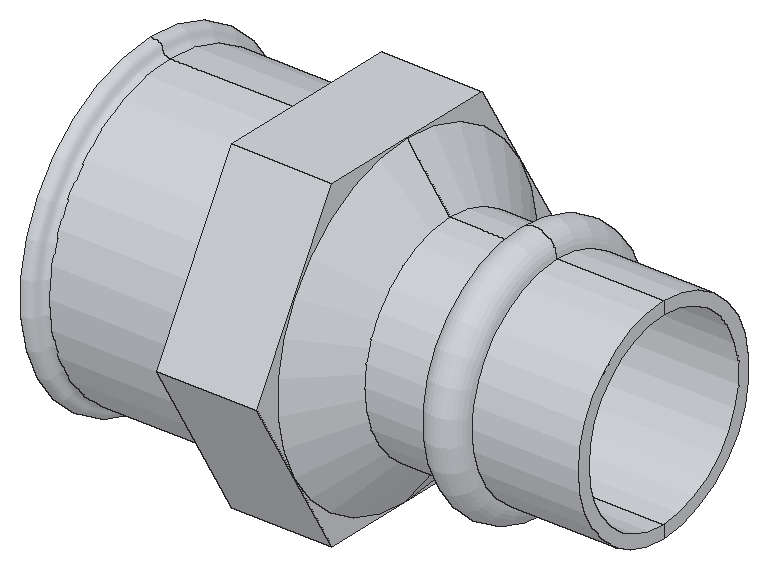
Revit family "PipeFitting_CouplingFemale_PressWater-B_Conex_15-50mm", category Pipe Fittings, Revit 2019
Family settings
  Round Connector Dimension = Use Radius
  Part Type = Union
  OmniClass Number = 23.60.30.11.14
  OmniClass Title = Pipework Fittings
  Work Plane-Based = No
  Always vertical = Yes
  Cut with Voids When Loaded = No
  Shared = No
Parameters (values of type "Standard_Coupling Female")
  Z [instance] = size_lookup(Lookup Table Name, "Z", 50.00 mm, D1)  # 8.00 mm
  Uniformat IIElements = "TBC"
  URL = "http://www.conexbanninger.com.au/"
  Type Comments = "Conex Bänninger specialises in providing the best plumbing fittings and accessories across the globe by offering innovative and versatile jointing solutions. Since 1909 Conex Bänninger has produced over 10 billion copper fittings and has built its reputation for quality manufacturing, back by first-class customer service and unrivalled expertise. Passionate about excellence, Conex Bänninger is a byword for quality in the domestic, commercial, industrial, air conditioning and refrigeration markets worldwide.\r\nConex Bänninger is an ISO 9000 quality assured company, which assures you the very best in quality.\r\nConex Bänninger >B< Press is a versatile press fitting system for use with hard, half hard or soft copper tube providing a secure, life long, leak-proof joint.\r\nApproved Tools - The following tools are approved tools for installation of >B< Press fittings:\r\n•\tRomax compact (Rothenberger)\r\n•\tRomax 3000 (Rothenberger)\r\n•\tPicco (Viega)\r\n•\tPT3-AH & 4B (Viega)"
  SerialNumber [instance] = ""
  S/2 [instance] = S / 2  # 13.00 mm
  S [instance] = size_lookup(Lookup Table Name, "S", 50.00 mm, D1)  # 26.00 mm
  Rp/2 [instance] = Rp / 2  # 6.25 mm
  Rp [instance] = size_lookup(Lookup Table Name, "RP", 50.00 mm, D1)  # 12.50 mm
  ProductCode [instance] = if(D1 = 15.00 mm, "404667", if(D1 = 20.00 mm, "404668", if(D1 = 25.00 mm, "404669", if(D1 = 32.00 mm, "404670", if(D1 = 40.00 mm, "404671", if(D1 = 50.00 mm, "404672", "ProductCode NA"))))))  # "404667"
  OmniclassProducts = "TBC"
  NATSPECWorkSection = "TBC"
  Model Version = "2013-03"
  Model Status [instance] = ""
  Model Specification = "BMA"
  Model = "Standard_Coupling Female"
  Material = none
  Mark [instance] = ""
  Manufacturer = "Conex | Bänninger"  # constant formula
  Lookup Table Name = "PipeFitting_CouplingFemale_PressWater-B_Conex_15-50mm"
  L [instance] = size_lookup(Lookup Table Name, "L", 50.00 mm, D1)  # 41.00 mm
  FinalHHWFlow [instance] = 0.0 L/s
  Description = ">B< Press fittings are quick to fit, providing a low cost installation solution. The slimline design gives aesthetically pleasing finish with a secure, permanent joint that can´t be tampered with. >B< Press fittings are Watermark\r\n approved and certified to AS3688."
  D1/2 [instance] = D1 / 2  # 7.50 mm
  D1 [instance] = 15.00 mm
  Assembly Code = "D2090800"
Reference planes
  plane 1 "Center (Front/Back)": y = 0
  plane 2: z = 0
  plane 3 "Center (Left/Right)": x = 0
Forms (mm)
  Revolve 1, solid, material <- "Material", detail levels fine
    sketch origin (0, 0, 0) x (-1, 0, 0) y (0, 0, -1)
      loop
        line (-3.404, 8.5) -> (-8.557, 8.5)
        arc (-8.557, 8.5) -> (-10.25, 10.193) -> (-11.943, 8.5) r 1.693
        line (-11.943, 8.5) -> (-20.5, 8.5) -> (-20.5, 7.5) -> (0, 7.5) -> (0, 13) -> (-3.404, 8.5)
      loop
        line (19.334, 6.25) -> (20.5, 7.416) -> (20.5, 13)
        spline (20.5, 13) -> (20.2, 12.996) -> (19.977, 12.952) -> (19.816, 12.877) -> (19.704, 12.777) -> (19.628, 12.66) -> (19.573, 12.533) -> (19.528, 12.405) -> (19.477, 12.282) -> (19.408, 12.173) -> (19.307, 12.085) -> (19.161, 12.024) -> (18.956, 12)
        line (18.956, 12) -> (8, 12) -> (8, 6.25) -> (19.334, 6.25)
      axis (20.5, 0) -> (-20.5, 0)
    angle from 0 to 360
  Extrusion 2, solid, material <- "Material", detail levels fine
    sketch origin (0, 0, 0) x (0, 1, 0) y (0, 0, 1)
      loop
        line (-7.506, 13) -> (-15.011, 0) -> (-7.506, -13) -> (7.506, -13) -> (15.011, 0) -> (7.506, 13) -> (-7.506, 13)
    from -8 to 0
  Extrusion 3, solid, detail levels fine
    sketch origin (0, 0, 0) x (0, 1, 0) y (0, 0, 1)
      loop
        circle (0, 0) r 6.25
    from -19.334 to -8
Dimensions and locks
  "D1/2": level to Revolve 1 sketch curve
  plane 3 "Center (Left/Right)" to Revolve 1 sketch curve = 20.50 mm
  "S": Extrusion 2 sketch curve to Extrusion 2 sketch curve  (x3)
  equal spacing: Extrusion 2 sketch curve, plane 1 "Center (Front/Back)", Extrusion 2 sketch curve  (x3)
  "Z": Extrusion 2 to Extrusion 2
  locked: Revolve 1 sketch curve to Revolve 1 sketch curve at 1.166  (x2)
  locked: Revolve 1 sketch curve to Revolve 1 sketch curve at 1.544
  "Rp/2": level to Revolve 1 sketch curve
  equal spacing: Revolve 1 sketch curve, Revolve 1 sketch curve, Revolve 1 sketch curve
  locked: Revolve 1 sketch curve to Revolve 1 sketch curve at 1  (x2)
  "S/2": plane 2 to Revolve 1 sketch curve  (x2)
  equal spacing: Revolve 1 sketch curve, plane 3 "Center (Left/Right)", Revolve 1 sketch curve
  "L": Revolve 1 to Revolve 1
  "Rp/2": radius of Extrusion 3 sketch curve
  angle Extrusion 2 sketch curve to Extrusion 2 sketch curve = 120.00°  (x6)
  angle Revolve 1 sketch curve to Extrusion 2 = 37.1015°
  aligned and locked: level to plane 2
  aligned and locked: plane 2 to Revolve 1 sketch curve
  aligned and locked: plane 3 "Center (Left/Right)" to Extrusion 2
  aligned and locked: Extrusion 2 to Revolve 1 sketch curve
  aligned and locked: Revolve 1 sketch curve to Extrusion 2
  aligned and locked: Extrusion 3 to Revolve 1
  aligned and locked: Extrusion 3 to Extrusion 2
  aligned and locked: Revolve 1 sketch curve to Revolve 1 sketch curve
  aligned and locked: Revolve 1 to nested 1
  aligned and locked: plane 1 "Center (Front/Back)" to nested 1
Automatic sketch dimensions
  Revolve 1 sketch curve to Revolve 1 sketch curve = 5.154 mm
  Revolve 1 sketch curve to Revolve 1 sketch curve = 1.693 mm
  Revolve 1 sketch curve to Revolve 1 sketch curve = 169.665 mm
  Revolve 1 sketch curve to Revolve 1 sketch curve = 60.00 mm
  Extrusion 3 sketch curve to level = 0.00 mm
  Extrusion 3 sketch curve to plane 1 "Center (Front/Back)" = 0.00 mm
Nested families
  nested 1: "Coupling_S" at (0, 0, 0), type "Coupling_S", detail levels coarse+medium
Connectors
  piping at (-8, 0, 0), diameter 12.5, driven by "Rp/2"
    settings: on Extrusion 2, index 2, connector inside diameter 609.6 mm, connector length 0.00 mm, flow factor 0, pipe flow 0.0 L/s, pressure drop 0.0 Pa, fitting loss kfactor 0, connector angle 0.00°, fixture units 0, engagement length 0.00 mm, angle of deflection 0.00°, flow configuration 0, flow direction 0, fitting loss method 0, system type 28, joint type 0, gender type 0, connector reference index -1, connector utility 0, adjustable connector no, is connector primary yes, connector description ""
  piping at (0, 0, 0), diameter 15, driven by "D1/2"
    settings: on Extrusion 2, index 3, connector inside diameter 609.6 mm, connector length 0.00 mm, flow factor 0, pipe flow 0.0 L/s, pressure drop 0.0 Pa, fitting loss kfactor 0, connector angle 0.00°, fixture units 0, engagement length 0.00 mm, angle of deflection 0.00°, flow configuration 0, flow direction 0, fitting loss method 0, system type 28, joint type 0, gender type 0, connector reference index -1, connector utility 0, adjustable connector no, is connector primary no, connector description ""
Definition of nested family "Coupling_S"
  Parameters
    D = 15.00 mm
    L = 39.00 mm
  Reference planes
    plane 1 "Center (Front/Back)": y = 0
    plane 2: z = 0
    plane 3 "Center (Left/Right)": x = 0
  Lines and regions (mm)
    model lines
      curve 1: line (-19.5, 0, 0) -> (19.5, 0, 0)
      curve 2: line (19.5, -7.5, 0) -> (19.5, 7.5, 0)
      curve 3: line (-19.5, -7.5, 0) -> (-19.5, 7.5, 0)
  Dimensions and locks
    "L": curve 3 to curve 2
    equal spacing: curve 3, plane 3 "Center (Left/Right)", curve 2
    equal spacing: curve 2, plane 1 "Center (Front/Back)", curve 2
    "D": curve 2 to curve 2
    "D": curve 3 to curve 3
    equal spacing: curve 3, plane 1 "Center (Front/Back)", curve 3
    aligned and locked: level to plane 2
    aligned and locked: plane 1 "Center (Front/Back)" to curve 1
